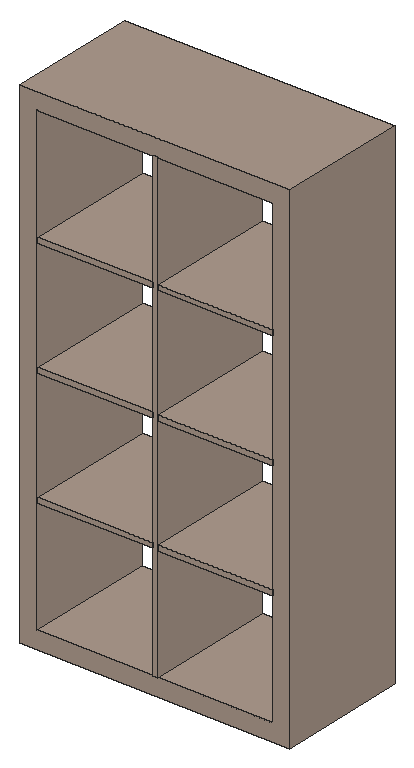
Revit family "EXPEDIT Shelving Unit - Large", category Furniture, Revit 2013
Reference planes (in)
  plane 1 "Center Front/Back": y = 0
  plane 2: z = 0
  plane 3 "Center Left/Right": x = 0
  plane 4: y = 7.65625
  plane 5: y = -7.65625
  plane 6: x = -15.8125
  plane 7: x = 15.8125
  plane 8: z = 58.625
  plane 9: x = -13.8125
  plane 10: z = 15.65625
  plane 11: x = 13.8125
  plane 12: z = 56.625
  plane 13: z = 29.3125
  plane 14: z = 42.96875
Forms (in)
  Extrusion 1, solid, material "Finish"
    sketch origin (3.375, 0, 0) x (1, 0, 0) y (0, 0, 1)
      loop
        line (-19.1875, 0) -> (12.4375, 0) -> (12.4375, 58.625) -> (-19.1875, 58.625) -> (-19.1875, 0)
      loop
        line (-17.1875, 2) -> (10.4375, 2) -> (10.4375, 56.625) -> (-17.1875, 56.625) -> (-17.1875, 2)
    from -7.65625 to 7.65625
  Extrusion 2, solid, material "Finish"
    sketch origin (2.38898, 0, 0) x (1, 0, 0) y (0, 0, 1)
      loop
        line (-2.70148, 2) -> (-2.07648, 2) -> (-2.07648, 56.625) -> (-2.70148, 56.625) -> (-2.70148, 2)
    from -7.65625 to 7.65625
  Extrusion 3, solid, material "Finish"
    sketch origin (3.375, 0, -30.875) x (1, 0, 0) y (0, 0, 1)
      loop
        line (-17.1875, 46.84375) -> (-17.1875, 46.21875) -> (-3.6875, 46.21875) -> (-3.6875, 46.84375) -> (-17.1875, 46.84375)
    from -7.65625 to 7.65625
  Extrusion 4, solid, material "Finish"
    sketch origin (3.375, 0, -21.25) x (1, 0, 0) y (0, 0, 1)
      loop
        line (-3.0625, 37.21875) -> (-3.0625, 36.59375) -> (10.4375, 36.59375) -> (10.4375, 37.21875) -> (-3.0625, 37.21875)
    from -7.65625 to 7.65625
  Extrusion 5, solid, material "Finish"
    sketch origin (3.375, 0, -17.21875) x (1, 0, 0) y (0, 0, 1)
      loop
        line (-17.1875, 46.84375) -> (-17.1875, 46.21875) -> (-3.6875, 46.21875) -> (-3.6875, 46.84375) -> (-17.1875, 46.84375)
    from -7.65625 to 7.65625
  Extrusion 6, solid, material "Finish"
    sketch origin (3.375, 0, -7.59375) x (1, 0, 0) y (0, 0, 1)
      loop
        line (-3.0625, 37.21875) -> (-3.0625, 36.59375) -> (10.4375, 36.59375) -> (10.4375, 37.21875) -> (-3.0625, 37.21875)
    from -7.65625 to 7.65625
  Extrusion 7, solid, material "Finish"
    sketch origin (3.375, 0, -3.5625) x (1, 0, 0) y (0, 0, 1)
      loop
        line (-17.1875, 46.84375) -> (-17.1875, 46.21875) -> (-3.6875, 46.21875) -> (-3.6875, 46.84375) -> (-17.1875, 46.84375)
    from -7.65625 to 7.65625
  Extrusion 8, solid, material "Finish"
    sketch origin (3.375, 0, 6.0625) x (1, 0, 0) y (0, 0, 1)
      loop
        line (-3.0625, 37.21875) -> (-3.0625, 36.59375) -> (10.4375, 36.59375) -> (10.4375, 37.21875) -> (-3.0625, 37.21875)
    from -7.65625 to 7.65625
Dimensions and locks (in)
  plane 6 to plane 3 "Center Left/Right" to plane 7 = 1' - 3 13/16", 1' - 3 13/16"
  plane 5 to plane 4 = 1' - 3 5/16"
  plane 8 to level = 4' - 10 5/8"
  plane 6 to plane 7 = 2' - 7 5/8"
  plane 6 to plane 9 = 0' - 2"
  plane 8 to plane 12 = 0' - 2"
  equal spacing: Extrusion 1, plane 14, plane 13, plane 10, Extrusion 1
  aligned and locked: level to plane 2
Automatic sketch dimensions
  Extrusion 1 sketch curve to plane 6 = 0' - 0"
  Extrusion 1 sketch curve to plane 9 = 0' - 0"
  Extrusion 1 sketch curve to plane 11 = 0' - 0"
  Extrusion 1 sketch curve to level = 0' - 0"
  Extrusion 1 sketch curve to plane 7 = 0' - 0"
  Extrusion 1 sketch curve to plane 12 = 0' - 0"
  Extrusion 1 sketch curve to plane 8 = 0' - 0"
  level to Extrusion 1 sketch curve = 0' - 2"
  Extrusion 2 sketch curve to plane 12 = 0' - 0"
  Extrusion 2 sketch curve to plane 3 "Center Left/Right" = 0' - 0 5/16"
  plane 3 "Center Left/Right" to Extrusion 2 sketch curve = 0' - 0 5/16"
  level to Extrusion 2 sketch curve = 0' - 2"
  Extrusion 3 sketch curve to plane 9 = 0' - 0"
  Extrusion 3 sketch curve to plane 10 = 0' - 0 5/16"
  Extrusion 3 sketch curve to plane 3 "Center Left/Right" = 0' - 0 5/16"
  plane 10 to Extrusion 3 sketch curve = 0' - 0 5/16"
  Extrusion 4 sketch curve to plane 11 = 0' - 0"
  Extrusion 4 sketch curve to plane 10 = 0' - 0 5/16"
  plane 3 "Center Left/Right" to Extrusion 4 sketch curve = 0' - 0 5/16"
  plane 10 to Extrusion 4 sketch curve = 0' - 0 5/16"
  Extrusion 5 sketch curve to plane 9 = 0' - 0"
  Extrusion 5 sketch curve to plane 13 = 0' - 0 5/16"
  Extrusion 5 sketch curve to plane 3 "Center Left/Right" = 0' - 0 5/16"
  plane 13 to Extrusion 5 sketch curve = 0' - 0 5/16"
  Extrusion 6 sketch curve to plane 11 = 0' - 0"
  Extrusion 6 sketch curve to plane 13 = 0' - 0 5/16"
  plane 3 "Center Left/Right" to Extrusion 6 sketch curve = 0' - 0 5/16"
  plane 13 to Extrusion 6 sketch curve = 0' - 0 5/16"
  Extrusion 7 sketch curve to plane 9 = 0' - 0"
  Extrusion 7 sketch curve to plane 14 = 0' - 0 5/16"
  Extrusion 7 sketch curve to plane 3 "Center Left/Right" = 0' - 0 5/16"
  plane 14 to Extrusion 7 sketch curve = 0' - 0 5/16"
  Extrusion 8 sketch curve to plane 11 = 0' - 0"
  Extrusion 8 sketch curve to plane 14 = 0' - 0 5/16"
  plane 3 "Center Left/Right" to Extrusion 8 sketch curve = 0' - 0 5/16"
  plane 14 to Extrusion 8 sketch curve = 0' - 0 5/16"
